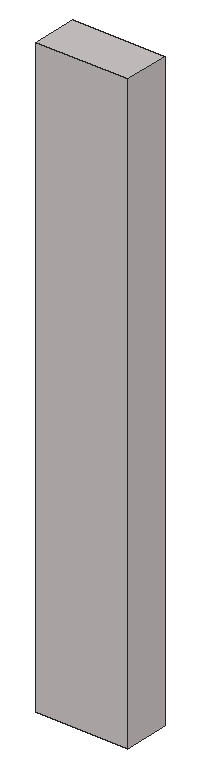
Revit family "Concrete Rectangular", category 기둥, Revit 2026
Family settings
  로드될 때 보이드를 사용하여 절단 = 아니오
  자동으로 형상을 벽에 결합합니다 = 예
  공유 = 아니오
  평면도에서 미리 절단된 패밀리 표시 = 예
Parameters (values of type "460 x 230 mm")
  Depth = 230 mm
  Width = 460 mm
  Column Material = RCC
Reference planes
  plane 1 "Center (Front/Back)": y = 0
  plane 2: z = 0
  plane 3 "Center (Left/Right)": x = 0
  plane 4 "Left": x = -230
  plane 5 "Right": x = 230
  plane 6 "Back": y = 115
  plane 7 "Front": y = -115
Forms (mm)
  Extrusion 1, solid, material "RCC" <- "Column Material"
    sketch origin (0, 0, 0) x (1, 0, 0) y (0, 1, 0)
      loop
        line (-230, 115) -> (-230, -115) -> (230, -115) -> (230, 115) -> (-230, 115)
    from 0 to 3000
Lines and regions (mm)
  symbolic lines
    curve 1: line (-230, 115, 0) -> (230, 115, 0)
    curve 2: line (-230, -115, 0) -> (-230, 115, 0)
    curve 3: line (230, -115, 0) -> (-230, -115, 0)
    curve 4: line (230, 115, 0) -> (230, -115, 0)
Dimensions and locks
  equal spacing: plane 4 "Left", plane 3 "Center (Left/Right)", plane 5 "Right"
  equal spacing: plane 7 "Front", plane 1 "Center (Front/Back)", plane 6 "Back"
  "Width": plane 4 "Left" to plane 5 "Right"
  "Depth": plane 7 "Front" to plane 6 "Back"
  aligned and locked: plane 4 "Left" to Extrusion 1 sketch curve
  aligned and locked: plane 6 "Back" to Extrusion 1 sketch curve
  aligned and locked: plane 7 "Front" to Extrusion 1 sketch curve
  aligned and locked: plane 5 "Right" to Extrusion 1 sketch curve
  aligned and locked: level to Extrusion 1
  aligned and locked: curve 1 to Extrusion 1  (x2)
  aligned and locked: Extrusion 1 to curve 4
  aligned and locked: curve 4 to Extrusion 1
